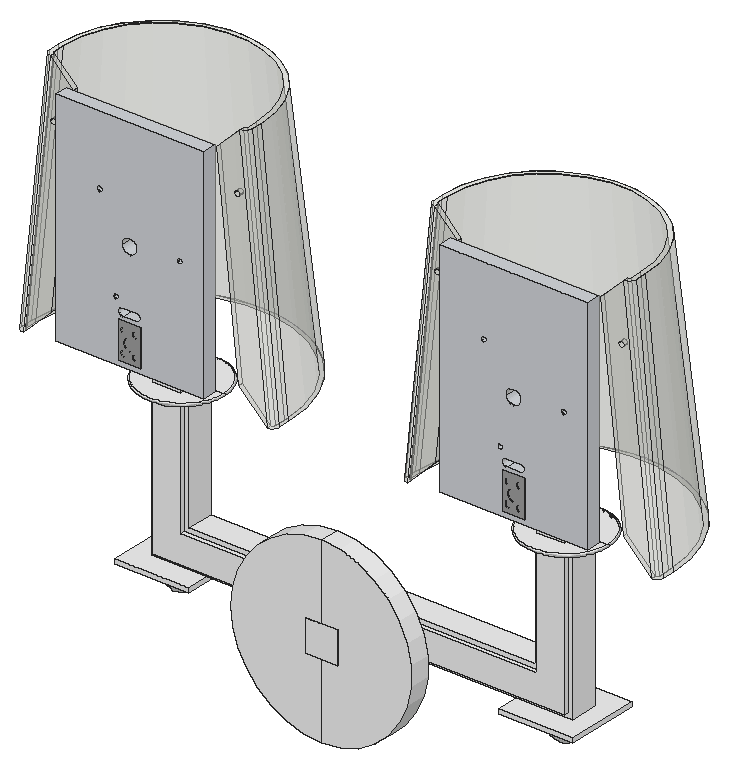
Revit family "Lighting - Auberge Double Candelabra", category Lighting Fixtures, host Wall, Revit 2018
Family settings
  Host = Wall
  Round Connector Dimension = Use Diameter
  Part Type = Normal
  OmniClass Number = 23.80.70.00
  OmniClass Title = Lighting
  Always vertical = Yes
  Cut with Voids When Loaded = No
  Light Source = No
  Shared = No
  Room Calculation Point = No
Parameters (values of type "Rain & Nickel")
  Wattage Comments = ""
  URL = "https://www.aubergelighting.com/co7w7h"
  Shade Tag = "CO-7W7H"
  Shade Finish = AU Rain
  Model = "AU-C10W-30-8-CO7W7H-RV-DE2A-ESN"
  Manufacturer = "Auberge Lighting"  # constant formula
  Lamp = "2x 10W LED"
  Keynote = "X"
  Description = "LED Candelabra Wall Sconce"
  Bracket Finish = AU Enviro Satin Nickel
  Apparent Load = 20 VA
Types (4): name | Shade Finish | Model | Bracket Finish
  (no name) | AU Rain | "AU-C10W-30-8-CO7W7H-RV-DE2A-ESN" | AU Enviro Satin Nickel
  Island Breeze & Brass | AU Island Breeze | "AU-C10W-30-8-CO7W7H-IB-DE2A-ESB" | AU Enviro Satin Brass
  Linear Cross & Bronze | AU Linear Cross | "AU-C10W-30-8-CO7W7H-LCV-DE2A-E0B" | AU Enviro Bronze
  Rain & Nickel | AU Rain | "AU-C10W-30-8-CO7W7H-RV-DE2A-ESN" | AU Enviro Satin Nickel
Reference planes (in)
  plane 1: y = 0
  plane 2 "Light Source Axis (F/B)": y = 7.7874
  plane 3 "Light Source Axis (L/R)": x = -1.43133
  plane 4 "Light Source Elevation": z = 77.42225
  plane 5 "Left": x = 3.78164
  plane 6 "Face of Wall": y = 6
  plane 7 "Mounting Center": z = 69.65049
  plane 8 "Right": x = -6.64429
Forms (in)
  Revolve 1, solid, material "AU Enviro Satin Nickel" <- "Bracket Finish", detail levels medium+fine
    sketch origin (-1.43133, 0, 0) x (0, -1, 0) y (0, 0, 1)
      loop
        line (-6, 72.11112) -> (-6.5311, 72.11112) -> (-6.5311, 71.60358) -> (-6.40591, 71.60358) -> (-6.40591, 71.51777) -> (-6.25787, 71.51777) -> (-6.25787, 69.65049) -> (-6, 69.65049) -> (-6, 72.11112)
      axis (-6.5311, 69.65049) -> (-6, 69.65049)
    angle from 0 to 360
  Extrusion 2, solid, material "AU Enviro Satin Nickel" <- "Bracket Finish", detail levels medium+fine
    sketch origin (0, 6, 0) x (0, 0, 1) y (-1, 0, 0)
      loop
        line (69.21742, 0.99825) -> (70.08356, 0.99825) -> (70.08356, 1.8644) -> (69.21742, 1.8644) -> (69.21742, 0.99825)
    from -1.25 to 0
  Sweep 3, solid, material "AU Enviro Satin Nickel" <- "Bracket Finish", detail levels medium+fine
    path origin (0, 6, 0) x (0, 0, 1) y (-1, 0, 0)
      loop
        line (74.43535, -3.78164) -> (69.65049, -3.78164) -> (69.65049, 6.64429) -> (74.43535, 6.64429)
    profile origin (3.78164, 6, 72.04292) x (0, -1, 0) y (1, 0, 0)
      loop
        line (-2.1248, -0.5) -> (-1.3752, -0.5) -> (-1.3752, -0.3748) -> (-1.25, -0.3748) -> (-1.25, 0.3748) -> (-1.3752, 0.3748) -> (-1.3752, 0.5) -> (-2.1248, 0.5) -> (-2.1248, 0.3748) -> (-2.25, 0.3748) -> (-2.25, -0.3748) -> (-2.1248, -0.3748) -> (-2.1248, -0.5)
  Revolve 4, solid, material "AU Enviro Satin Nickel" <- "Bracket Finish", detail levels medium+fine
    sketch origin (0, 7.7874, 0) x (0, 0, 1) y (-1, 0, 0)
      loop
        line (73.24464, -3.78164) -> (73.24464, -4.40513) -> (73.40473, -4.8788)
        arc (73.40473, -4.8788) -> (73.40667, -4.93044) -> (73.45109, -4.90405) r 0.03005
        line (73.45109, -4.90405) -> (73.45109, -3.78164) -> (73.24464, -3.78164)
      axis (73.45109, -3.78164) -> (73.24464, -3.78164)
    angle from 0 to 360
  Revolve 5, solid, material "AU Enviro Satin Nickel" <- "Bracket Finish", detail levels medium+fine
    sketch origin (-2.86265, 7.7874, 0) x (0, 0, 1) y (-1, 0, 0)
      loop
        line (73.24464, 3.78164) -> (73.45109, 3.78164) -> (73.45109, 4.90405)
        arc (73.45109, 4.90405) -> (73.40667, 4.93044) -> (73.40473, 4.8788) r 0.03005
        line (73.40473, 4.8788) -> (73.24464, 4.40513) -> (73.24464, 3.78164)
      axis (73.45109, 3.78164) -> (73.24464, 3.78164)
    angle from 0 to 360
  Revolve 6, solid, material "AU Enviro Satin Nickel" <- "Bracket Finish", detail levels medium+fine
    sketch origin (0, 7.7874, -4.30061) x (0, 0, 1) y (-1, 0, 0)
      loop
        line (73.33298, -3.78164) -> (72.59525, -3.78164)
        arc (72.59525, -3.78164) -> (72.86147, -4.18142) -> (73.33298, -4.0899) r 0.43327
        line (73.33298, -4.0899) -> (73.33298, -3.78164)
      axis (73.33298, -3.78164) -> (72.59525, -3.78164)
    angle from 0 to 360
  Revolve 7, solid, material "AU Enviro Satin Nickel" <- "Bracket Finish", detail levels medium+fine
    sketch origin (-2.86265, 7.7874, -4.30061) x (0, 0, 1) y (-1, 0, 0)
      loop
        line (73.33298, 3.78164) -> (73.33298, 4.0899)
        arc (73.33298, 4.0899) -> (72.86147, 4.18142) -> (72.59525, 3.78164) r 0.43327
        line (72.59525, 3.78164) -> (73.33298, 3.78164)
      axis (73.33298, 3.78164) -> (72.59525, 3.78164)
    angle from 0 to 360
  Extrusion 8, solid, material "AU Enviro Satin Nickel" <- "Bracket Finish", detail levels medium+fine
    sketch origin (0, 0, 69.65049) x (0, 1, 0) y (-1, 0, 0)
      loop
        line (6.75, 7.64429) -> (6.75, 5.6438) -> (8.75, 5.6438) -> (8.75, 7.64429) -> (6.75, 7.64429)
      loop
        line (6.75, -2.78164) -> (6.75, -4.78213) -> (8.75, -4.78213) -> (8.75, -2.78164) -> (6.75, -2.78164)
    from -0.61811 to -0.5
  Extrusion 9, solid, material "Default", detail levels medium+fine
    sketch origin (0, 6, 0) x (0, 0, 1) y (-1, 0, 0)
      loop
        line (75.55346, -4.07692) -> (75.55346, -3.48637) -> (74.55346, -3.48637) -> (74.55346, -4.07692) -> (75.55346, -4.07692)
      loop
        line (75.55346, 6.34902) -> (75.55346, 6.93957) -> (74.55346, 6.93957) -> (74.55346, 6.34902) -> (75.55346, 6.34902)
    from -2.25 to 0
Cuts and joins
  joined: Sweep 3, Revolve 4, Revolve 5
Lines and regions (in)
  model lines, style "InvisibleLines"
    curve 1: line (-1.43133, 6, 69.65049) -> (-1.43133, 6, 0)
Text (in)
  text "Placement Side" at (0, 40.15149, 123.01588), in view "Right"
  text "Placement Side" at (-70.3804, 28.46503, 0), in view "Ref. Level"
  text "Placement Side" at (0, 85.69064, 140.59947), in view "Left"
Dimensions and locks (in)
  locked: plane 2 "Light Source Axis (F/B)" to plane 6 "Face of Wall" at 1.7874
  Revolve 1 sketch curve to Revolve 1 sketch curve to Revolve 1 sketch curve to plane 6 "Face of Wall" = 0' - 0.1252" locked, 0' - 0.14803" locked, 0' - 0.25787" locked
  Extrusion 2 sketch curve to plane 7 "Mounting Center" to Extrusion 2 sketch curve = 0' - 0.43307" locked, 0' - 0.43307" locked
  locked: plane 7 "Mounting Center" to plane 4 "Light Source Elevation" at 7.77176
  locked: Revolve 4 to plane 4 "Light Source Elevation" at 4.01751
  Extrusion 8 to plane 2 "Light Source Axis (F/B)" to Extrusion 8 = 0' - 1.0374" locked, 0' - 0.9626" locked  (x2)
  aligned: level to host wall
  aligned and locked: plane 5 "Left" to nested 1
  aligned and locked: nested 1 to plane 4 "Light Source Elevation"
  aligned and locked: plane 2 "Light Source Axis (F/B)" to nested 1
  aligned and locked: host wall to plane 6 "Face of Wall"
  aligned and locked: Revolve 1 sketch curve to plane 7 "Mounting Center"
  aligned and locked: Extrusion 2 to host wall
  aligned and locked: plane 2 "Light Source Axis (F/B)" to Revolve 4
  aligned and locked: Extrusion 9 to host wall
  aligned and locked: nested 2 to plane 8 "Right"
  aligned and locked: nested 2 to plane 4 "Light Source Elevation"
  aligned and locked: Revolve 1 to plane 6 "Face of Wall"
  aligned and locked: plane 2 "Light Source Axis (F/B)" to cut or joined group of Sweep 3, Revolve 4, Revolve 5
  aligned and locked: plane 2 "Light Source Axis (F/B)" to Revolve 7
  aligned and locked: plane 2 "Light Source Axis (F/B)" to Revolve 6
  aligned and locked: plane 7 "Mounting Center" to curve 1
  aligned and locked: level to curve 1
  aligned and locked: curve 1 to plane 3 "Light Source Axis (L/R)"
Nested families (in)
  nested 1: "Candelabra Shade" at (5.21297, 0, -3.5), type "CO-7W7H", detail levels medium+fine
    with built-in parameter 1140040 1
  nested 2: "Candelabra Shade" at (-5.21297, 0, -3.5), type "CO-7W7H", detail levels medium+fine
    with built-in parameter 1140040 1
  nested 3: "Sconce Annotation" at (-1.43133, 6, 0), type "Sconce Annotation"
Definition of nested family "Candelabra Shade"
  Parameters (values of type "CO-7W7H")
    Width = 0' - 7"
    Wattage Comments = "10W"
    Wattage = 6.76576 W
    built-in parameter 1150110 = 1 (stored number, unit not read)
    URL = "https://www.aubergelighting.com/co7w7h"
    Type Image = element 359760
    Type Comments = "TRIAC/ELV DIMMING, ADA/ENERGY STAR/TITLE 24 COMPLIANT"
    built-in parameter 1114217 = 1 (stored number, unit not read)
    Tilt Angle = 0.00°  # constant formula
    built-in parameter 1150109 = 1 (stored number, unit not read)
    built-in parameter 1150134 = (empty or 0)
    built-in parameter 1150113 = 1 (stored number, unit not read)
    Shade Tag = "CO-7W7H"
    Shade = CO-7W7H : CO-7W7H
    Resin Pattern = none
    Photometric Web File = "Auberge C10W sconces.ies"
    Model = "AU-C10W-30-8-CO7W7H-A-DE3A-CM"  # constant formula
    Metal = none
    Manufacturer = "Auberge Lighting"  # constant formula
    built-in parameter 1150105 = 79.975 (stored number, unit not read)
    Lumens = 1005 lm
    built-in parameter 1150115 = 1 (stored number, unit not read)
    built-in parameter 1150137 = (empty or 0)
    built-in parameter 1150139 = (empty or 0)
    built-in parameter 1150112 = 1 (stored number, unit not read)
    built-in parameter 1150114 = 1 (stored number, unit not read)
    Lamp = "C10W LED"
    Keynote = "X"
    built-in parameter 1150132 = 2
    built-in parameter 1150102 = (empty or 0)
    built-in parameter 1150107 = 3000 (stored number, unit not read)
    built-in parameter 1150138 = (empty or 0)
    built-in parameter 1150106 = 0.79975 (stored number, unit not read)
    Height = 0' - 7"
    built-in parameter 1150104 = 13.8 (stored number, unit not read)
    Dimming Lamp Color Temperature Shift = (empty or 0)
    Description = "10W LED WALL SCONCE"
    Color Filter = 16777215
    built-in parameter 1140040 [instance] = 1
    built-in parameter 1114218 = 1 (stored number, unit not read)
    Backplate = 10W Backplate : 10W Backplate
    built-in parameter 1150133 = 10 (stored number, unit not read)
    Apparent Load = 10 VA
    10W Small Backplate = not([10W Large Backplate])  # yes
    10W Large Backplate = Height > 0' 7"  # no
    10W Backplate = yes
  Reference planes (in)
    plane 1: y = 0
    plane 2 "Light Source Axis (F/B)": y = 7.7874
    plane 3 "Light Source Axis (L/R)": x = -1.43133
    plane 4 "Bottom": z = 77.42225
    plane 5 "Wall Face": y = 6
    plane 6 "Top": z = 84.42225
    plane 7 "Light Source": z = 80.92225
  Text (in)
    text "Placement Side" at (0, 40.15149, 123.01588), in view "Right"
    text "Placement Side" at (-70.3804, 28.46503, 0), in view "Ref. Level"
    text "Placement Side" at (0, 85.69064, 140.59947), in view "Left"
  Dimensions and locks (in)
    locked: plane 2 "Light Source Axis (F/B)" to plane 5 "Wall Face" at 1.7874
    "Height": plane 6 "Top" to plane 4 "Bottom"
    equal spacing: plane 4 "Bottom", plane 7 "Light Source", plane 6 "Top"
    locked: nested 3 to plane 5 "Wall Face" at 0.5374
    aligned: level to host wall
    aligned and locked: imposter light to plane 2 "Light Source Axis (F/B)"
    aligned and locked: plane 5 "Wall Face" to host wall
    aligned and locked: plane 5 "Wall Face" to nested 1
    aligned and locked: plane 5 "Wall Face" to nested 2
    aligned and locked: plane 3 "Light Source Axis (L/R)" to nested 3
    aligned and locked: nested 3 to plane 4 "Bottom"
    aligned and locked: plane 3 "Light Source Axis (L/R)" to nested 1
    aligned and locked: nested 1 to plane 7 "Light Source"
    aligned and locked: plane 7 "Light Source" to imposter light
  Nested families (in)
    nested 1: "10W Backplate" at (-1.43133, 6.54689, 80.92225) x (-1, 0, 0) z (0, 0, 1), type <- "Backplate", visible <- "10W Backplate", type "10W Backplate"
      with Large Backplate no
    nested 2: "Sconce Annotation" at (-1.43133, 6, 0), type "Sconce Annotation"
    nested 3: "CO-7W7H" at (-1.43133, 6.5374, 77.42225) x (-1, 0, 0) z (0, 0, 1), type <- "Shade", type "CO-7W7H"
  Definition of nested family "10W Backplate"
    Parameters (values of type "10W Backplate")
      Wattage Comments = "10W"
      Small Backplate = yes
      Material = none
      Lens = none
      Large Backplate = yes
      Apparent Load = 10 VA
      Angle = none
    Reference planes (in)
      plane 1 "Light Source Axis (F/B)": y = -1
      plane 2: z = 0
      plane 3 "Light Source Axis (L/R)": x = 0
      plane 4 "Light Source Elevation": z = 0
    Forms (in)
      Extrusion 1, solid, material <- "Material", visible <- "Large Backplate"
        sketch origin (0, 0.54689, 0) x (1, 0, 0) y (0, 0, 1)
          loop
            line (-2.25, -3.75) -> (2.25, -3.75) -> (2.25, 3.75) -> (-2.25, 3.75) -> (-2.25, -3.75)
          loop
            circle (0, -0.00491) r 0.20126
          loop
            circle (-0.63059, 3.36806) r 0.07242
          loop
            circle (0.63059, 3.36806) r 0.07242
          loop
            circle (1.68627, 3.226) r 0.10011
          loop
            circle (-1.37341, 0.11988) r 0.0663
          loop
            circle (1.83982, -0.55008) r 0.07113
          loop
            circle (0.79477, 1.12211) r 0.0663
          loop
            circle (0.35247, -1.33817) r 0.0663
          loop
            line (1.62141, 0.71542) -> (1.43453, 1.03911)
            arc (1.43453, 1.03911) -> (1.2893, 1.07802) -> (1.25039, 0.9328) r 0.10631
            line (1.25039, 0.9328) -> (1.43728, 0.60911)
            arc (1.43728, 0.60911) -> (1.5825, 0.5702) -> (1.62141, 0.71542) r 0.10631
        from 0 to 0.375
      Extrusion 2, solid, material <- "Material"
        sketch origin (0, 0.54689, -3.75) x (1, 0, 0) y (0, 0, 1)
          loop
            circle (-1.25703, 5.61357) r 0.06499
          loop
            circle (1.25703, 5.61357) r 0.06499
        from 0.375 to 0.65625
      Revolve 3, solid, material <- "Lens"
        sketch origin (0, 0.54689, -8.40375) x (0, 0, 1) y (0, -1, 0)
          loop
            line (8.40375, 0.375) -> (9.97475, 0.375) -> (9.97475, 0.51929)
            arc (9.97475, 0.51929) -> (9.96097, 0.58036) -> (9.92231, 0.6296) r 0.14225
            arc (9.92231, 0.6296) -> (9.30973, 0.97428) -> (8.61706, 1.09378) r 2.06725
            line (8.61706, 1.09378) -> (8.40375, 1.09378) -> (8.40375, 0.375)
          axis (8.40375, 1.09378) -> (8.40375, 0.375)
        angle from 0 to 360
      Extrusion 4, solid, material <- "Material", visible <- "Small Backplate"
        sketch origin (0, 0.54689, 0) x (1, 0, 0) y (0, 0, 1)
          loop
            line (-2, -3) -> (2, -3) -> (2, 3) -> (-2, 3) -> (-2, -3)
          loop
            circle (0, -0.00491) r 0.20126
          loop
            circle (-0.15905, -2.1032) r 0.07242
          loop
            circle (-1.37341, 0.11988) r 0.0663
          loop
            circle (0.79477, 1.12211) r 0.0663
          loop
            circle (0.35247, -1.33817) r 0.0663
          loop
            line (-0.18688, -1.76925) -> (0.18688, -1.76925)
            arc (0.18688, -1.76925) -> (0.29319, -1.66294) -> (0.18688, -1.55663) r 0.10631
            line (0.18688, -1.55663) -> (-0.18688, -1.55663)
            arc (-0.18688, -1.55663) -> (-0.29319, -1.66294) -> (-0.18688, -1.76925) r 0.10631
          loop
            circle (0.15905, -2.1032) r 0.07242
          loop
            circle (-0.15905, -2.66044) r 0.07242
          loop
            circle (0.15905, -2.66044) r 0.07242
          loop
            circle (0, -2.39626) r 0.15475
        from 0 to 0.375
    Dimensions and locks (in)
      aligned and locked: level to plane 2
  Definition of nested family "CO-7W7H"
    Parameters (values of type "CO-7W7H")
      Model = "CO-7W7H"
      Manufacturer = "Auberge Lighting"
      Lens = none
      Height = 0' - 7"
      Bracket = none
    Reference planes (in)
      plane 1 "Light Source Axis (F/B)": y = 0
      plane 2 "Center": z = 0
      plane 3 "Light Source Axis (L/R)": x = 0
      plane 4 "Light Source Elevation": z = 7
    Forms (in)
      Blend 1, solid, material <- "Lens"
        base sketch origin (0, 0, 0) x (1, 0, 0) y (0, 1, 0)
          loop
            line (3.5, -0.5) -> (3.5, -0.1875)
            arc (3.5, -0.1875) -> (3.44508, -0.05492) -> (3.3125, 0) r 0.1875
            line (3.3125, 0) -> (2.625, 0) -> (2.625, -0.125) -> (3.3125, -0.125)
            arc (3.3125, -0.125) -> (3.35669, -0.14331) -> (3.375, -0.1875) r 0.0625
            line (3.375, -0.1875) -> (3.375, -0.5)
            arc (3.375, -0.5) -> (0, -3.875) -> (-3.375, -0.5) r 3.375
            line (-3.375, -0.5) -> (-3.375, -0.1875)
            arc (-3.375, -0.1875) -> (-3.35669, -0.14331) -> (-3.3125, -0.125) r 0.0625
            line (-3.3125, -0.125) -> (-2.625, -0.125) -> (-2.625, 0) -> (-3.3125, 0)
            arc (-3.3125, 0) -> (-3.44508, -0.05492) -> (-3.5, -0.1875) r 0.1875
            line (-3.5, -0.1875) -> (-3.5, -0.5)
            arc (-3.5, -0.5) -> (0, -4) -> (3.5, -0.5) r 3.5
        top sketch origin (0, 0, 0) x (1, 0, 0) y (0, 1, 0)
          loop
            line (2.75, -0.5) -> (2.75, -0.1875)
            arc (2.75, -0.1875) -> (2.69508, -0.05492) -> (2.5625, 0) r 0.1875
            line (2.5625, 0) -> (1.875, 0) -> (1.875, -0.125) -> (2.5625, -0.125)
            arc (2.5625, -0.125) -> (2.60669, -0.14331) -> (2.625, -0.1875) r 0.0625
            line (2.625, -0.1875) -> (2.625, -0.5)
            arc (2.625, -0.5) -> (0, -3.125) -> (-2.625, -0.5) r 2.625
            line (-2.625, -0.5) -> (-2.625, -0.1875)
            arc (-2.625, -0.1875) -> (-2.60669, -0.14331) -> (-2.5625, -0.125) r 0.0625
            line (-2.5625, -0.125) -> (-1.875, -0.125) -> (-1.875, 0) -> (-2.5625, 0)
            arc (-2.5625, 0) -> (-2.69508, -0.05492) -> (-2.75, -0.1875) r 0.1875
            line (-2.75, -0.1875) -> (-2.75, -0.5)
            arc (-2.75, -0.5) -> (0, -3.25) -> (2.75, -0.5) r 2.75
        from 0 to 7
      Extrusion 2, void
        sketch origin (0, 0, 0) x (1, 0, 0) y (0, 0, 1)
          loop
            line (-2.66076, 7.09826) -> (-1.85539, 6.29289) -> (-1.85539, 7.09826) -> (-2.66076, 7.09826)
          loop
            circle (-2.49992, 5.42028) r 0.07013
          loop
            line (-3.46067, -0.14817) -> (-2.46067, -0.14817) -> (-2.46067, 0.85183) -> (-3.46067, -0.14817)
          loop
            line (2.66076, 7.09826) -> (1.85539, 7.09826) -> (1.85539, 6.29289) -> (2.66076, 7.09826)
          loop
            circle (2.49992, 5.42028) r 0.07013
          loop
            line (3.46067, -0.14817) -> (2.46067, 0.85183) -> (2.46067, -0.14817) -> (3.46067, -0.14817)
        from 0 to 0.25
      Extrusion 3, solid, material <- "Bracket", not visible
        sketch origin (0, 0, 0) x (1, 0, 0) y (0, 1, 0)
          loop
            line (-2.70472, -0.1875) -> (-2.12743, -0.1875)
            arc (-2.12743, -0.1875) -> (-2.06516, -0.16171) -> (-2.03937, -0.09944) r 0.08806
            line (-2.03937, -0.09944) -> (-2.03937, 0.07021)
            arc (-2.03937, 0.07021) -> (-2.03067, 0.0912) -> (-2.00967, 0.0999) r 0.0297
            line (-2.00967, 0.0999) -> (2.00967, 0.0999)
            arc (2.00967, 0.0999) -> (2.03067, 0.0912) -> (2.03937, 0.07021) r 0.0297
            line (2.03937, 0.07021) -> (2.03937, -0.09944)
            arc (2.03937, -0.09944) -> (2.06516, -0.16171) -> (2.12743, -0.1875) r 0.08806
            line (2.12743, -0.1875) -> (2.70472, -0.1875) -> (2.70472, -0.125) -> (2.12743, -0.125)
            arc (2.12743, -0.125) -> (2.10935, -0.11752) -> (2.10187, -0.09944) r 0.02556
            line (2.10187, -0.09944) -> (2.10187, 0.07021)
            arc (2.10187, 0.07021) -> (2.07487, 0.1354) -> (2.00967, 0.1624) r 0.0922
            line (2.00967, 0.1624) -> (-2.00967, 0.1624)
            arc (-2.00967, 0.1624) -> (-2.07487, 0.1354) -> (-2.10187, 0.07021) r 0.0922
            line (-2.10187, 0.07021) -> (-2.10187, -0.09944)
            arc (-2.10187, -0.09944) -> (-2.10935, -0.11752) -> (-2.12743, -0.125) r 0.02556
            line (-2.12743, -0.125) -> (-2.70472, -0.125) -> (-2.70472, -0.1875)
        from 5.125 to 5.71555
    Cuts and joins
      Extrusion 2 cuts Blend 1
    Dimensions and locks (in)
      "Height": plane 4 "Light Source Elevation" to level
      aligned and locked: level to plane 2 "Center"
      aligned and locked: Blend 1 to plane 4 "Light Source Elevation"
    Automatic sketch dimensions
      Blend 1 sketch curve to Blend 1 sketch curve = 0' - 0"  (x12)
      plane 1 "Light Source Axis (F/B)" to Blend 1 sketch curve = 0' - 0"  (x4)
      Blend 1 sketch curve to plane 3 "Light Source Axis (L/R)" = 0' - 0"  (x2)
      plane 1 "Light Source Axis (F/B)" to Blend 1 sketch curve = 0' - 0 1/8"  (x2)
      Blend 1 sketch curve to plane 3 "Light Source Axis (L/R)" = 0' - 2 5/8"
      Blend 1 sketch curve to Blend 1 sketch curve = 0' - 0 11/16"  (x2)
      Blend 1 sketch curve to Blend 1 sketch curve = 0' - 0 1/16"  (x4)
      Blend 1 sketch curve to Blend 1 sketch curve = 0' - 0 3/4"  (x2)
      Blend 1 sketch curve to Blend 1 sketch curve = 0' - 0 5/16"  (x2)
      Blend 1 sketch curve to plane 3 "Light Source Axis (L/R)" = 0' - 1 7/8"
      Extrusion 2 sketch curve to level = 0' - 0.14817"  (x2)
      Extrusion 2 sketch curve to plane 3 "Light Source Axis (L/R)" = 0' - 3.46067"
      Extrusion 2 sketch curve to plane 4 "Light Source Elevation" = 0' - 0.09826"  (x2)
      Extrusion 2 sketch curve to plane 3 "Light Source Axis (L/R)" = 0' - 2.66076"
      Extrusion 2 sketch curve to Extrusion 2 sketch curve = 0' - 0.16084"
      Extrusion 2 sketch curve to Extrusion 2 sketch curve = 0' - 1"  (x2)
      Extrusion 2 sketch curve to Extrusion 2 sketch curve = 0' - 0.80537"  (x2)
      plane 3 "Light Source Axis (L/R)" to Extrusion 2 sketch curve = 0' - 1.85539"
      level to Extrusion 2 sketch curve = 0' - 0.85183"  (x2)
      plane 3 "Light Source Axis (L/R)" to Extrusion 2 sketch curve = 0' - 2.46067"
      Extrusion 2 sketch curve to Extrusion 2 sketch curve = 0' - 0 165/256"
      plane 4 "Light Source Elevation" to Extrusion 2 sketch curve = 0' - 1.57972"  (x2)
      plane 4 "Light Source Elevation" to Extrusion 2 sketch curve = 0' - 0.70711"  (x2)
      Extrusion 3 sketch curve to Extrusion 3 sketch curve = 0' - 0"  (x8)
      plane 1 "Light Source Axis (F/B)" to Extrusion 3 sketch curve = 0' - 0 3/16"  (x2)
      Extrusion 3 sketch curve to plane 3 "Light Source Axis (L/R)" = 0' - 2.70472"
      Extrusion 3 sketch curve to Extrusion 3 sketch curve = 0' - 0.5773"  (x2)
      Extrusion 3 sketch curve to Extrusion 3 sketch curve = 0' - 0.02556"  (x2)
      Extrusion 3 sketch curve to Extrusion 3 sketch curve = 0' - 0 1/16"
      Extrusion 3 sketch curve to Extrusion 3 sketch curve = 0' - 0.0297"  (x2)
      Extrusion 3 sketch curve to plane 1 "Light Source Axis (F/B)" = 0' - 0.0999"
      plane 3 "Light Source Axis (L/R)" to Extrusion 3 sketch curve = 0' - 2.00967"
      radius of Extrusion 2 sketch curve = 0' - 0.07013"  (x2)
  Definition of nested family "Sconce Annotation"
    Parameters (values of type "Sconce Annotation")
      Label = "GFI"
    Reference planes (in)
      plane 1: y = 0
      plane 2: x = 0
    Lines and regions (in)
      detail lines
        curve 1: arc (-0.04796, 0.10653, 0) -> (0.048, 0.15902, 0) -> (-0.04796, 0.10653, 0) r 0.05469
        curve 2: line (0, 0.07812, 0) -> (0, 0.01567, 0)
        curve 3: line (0.05469, 0.13281, 0) -> (0.09825, 0.13281, 0)
        curve 4: line (0, 0.1875, 0) -> (0, 0.23106, 0)
        curve 5: line (-0.05469, 0.13281, 0) -> (-0.09825, 0.13281, 0)
    Text (in)
      label "X" at (0.07857, 0.25505, 0), shows "Label"
Definition of nested family "Sconce Annotation"
  Parameters (values of type "Sconce Annotation")
    Label = "X"
  Reference planes (in)
    plane 1: y = 0
    plane 2: x = 0
  Lines and regions (in)
    detail lines
      curve 1: arc (-0.04796, 0.10653, 0) -> (0.048, 0.15902, 0) -> (-0.04796, 0.10653, 0) r 0.05469
      curve 2: line (0, 0.07812, 0) -> (0, 0.01567, 0)
      curve 3: line (0.05469, 0.13281, 0) -> (0.09825, 0.13281, 0)
      curve 4: line (0, 0.1875, 0) -> (0, 0.23106, 0)
      curve 5: line (-0.05469, 0.13281, 0) -> (-0.09825, 0.13281, 0)
  Text (in)
    label "X" at (0.07857, 0.25505, 0), shows "Label"
